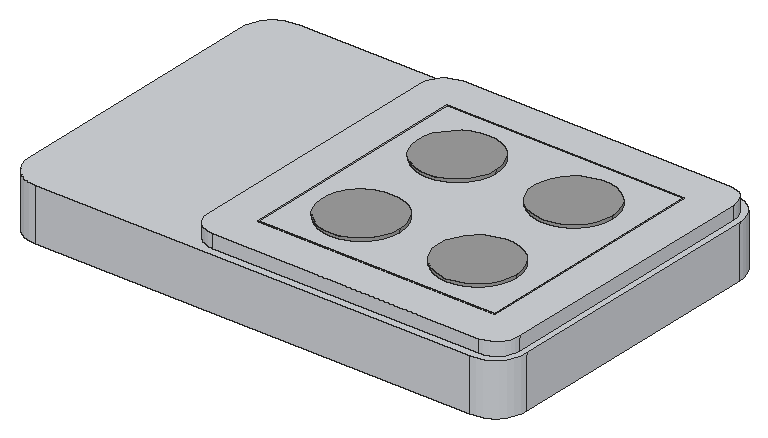
Revit family "Lighting-Industrial-GEWISS-SMART[4]HT_HIGHBAYS-LED_1M", category Apparecchi per illuminazione, Revit 2019
Family settings
  Quota connettore circolare = Usa diametro
  Tipo di parte = Normale
  Numero OmniClass = 23.80.00.00
  Titolo OmniClass = Electric Power and Lighting
  Basato su piano di lavoro = Sì
  Sempre verticale = No
  Taglio con vuoti quando caricato = No
  Sorgente d'illuminazione = No
  Condiviso = No
  Punto di calcolo locali = No
Parameters (values of type "GWS4120CQ857 - SMART4LB 1M ST.AL.ON/OFF HT ELL.57K")
  Wiring = "With GW connect watertight connector"
  Weight (kg): = "3,5"
  Warranty = "5 years"
  Voltaggio = 230 V
  Vetro acceso = Lampada accesa
  Version file RFA = "20.11"
  Unique digital code (Datamatrix) = "Datamatrix"
  Unified Glare Rating = "-"
  URL = "https://www.gewiss.com/ww/en"
  Type of light source = "LED - Not replaceable"
  Tilt- = "With bracket accessory"
  Technical sheet = "https://www.gewiss.com/ww/en/search?q=GWS4120CQ857"
  System power = "48W"
  Supply voltage = "220 - 240 V"
  Stocking temperature = "-40 +70 °C"
  Standards and approvals = "-"
  Standard- = "EN 60598-1 ; EN 60598-2-1 ; EN 60598-2-24"
  Standard Deviation Colour Matching = "SDCM = 3"
  Spostamento_Y_etichetta [instance] = 0 mm
  Spostamento_Y_effettivo_etichetta [instance] = 1500 mm - Spostamento_Y_etichetta  # 1500 mm
  Spostamento_X_etichetta [instance] = 0 mm
  Spostamento_X_effettivo_etichetta [instance] = 1500 mm - Spostamento_X_etichetta  # 1500 mm
  Shock resistance = "IK08"
  Shield type = "Tempered glass Thickness 4mm"
  SEO = "Low bay"
  Realized by GEWISS S.p.A. = ""
  Rated frequency (Hz) = "50/60 Hz"
  Produttore = "GEWISS S.p.A."
  Photobiological Risk Class = "RG0"
  Overvoltage protection = "DM 6 kV / CM 10 kV"
  Optic and illuminating features = "-"
  Optic Maintenance = "Non-replaceable"
  Optic : = "Metallic PC reflector and PMMA lenses"
  Optic = "Elliptical"
  Operating temperature : = "-30°C ÷ +60 °C"
  Offset etichetta W [instance] = 120 mm
  Mouting and installation = "Ceiling - Wallmounting - Suspension"
  Modello = "GWS4120CQ857"
  Maximum surface exposed to the wind : = "0,097 m²"
  Materials = "-"
  Luminaire = "LED Industrial Reflector "
  Lumen output (lm) = "6300"
  Locking Hook = "-"
  Lifetime = "L90B10 (Tq+25°C) = 100.000 h - L90B10 (Tq+60°C) = 50.000 h"
  Lampada = "LED"
  LED Maintenance = "Non-replaceable"
  Insulation class = "I"
  Installationa and maintenance = "-"
  Immagine tipo = GWL1071.jpg
  IPEA = "-"
  IP degree = "IP66"
  IFC.TypeObject = ""
  IFC.ExportType = ""
  IFC.ExportAs = ""
  IDT = "36f92d81beab46f4b5fefa69774160e7"
  IDF = "2c4b9b1b-03f2-4428-b443-208df9b19d94"
  Glow Wire Test : = "850 °C"
  General information = "-"
  Gasket = "anti-aging silicone"
  Fixing = "-"
  External screw = "Stainless steel"
  Etichetta wattaggio [instance] = yes
  Default Elevation = 1219.2 mm
  Trasformatore = none
  Spessore plafoniera = 40 mm  # constant formula
  Proiettsmart [instance] = yes
  Raggio led = 30 mm  # constant formula
  Plafoniera = none
  Eletrical and lighting features = "-"
  Electrocod = "2444"
  Efficiency (lm/W) = "131"
  Driver Box = "Built-in"
  Driver = "Included"
  Device with reduced surface temperature = "Yes"
  Descrizione = "SMART[4]LB 1M ST.AL.ON/OFF HT ELL.57K"
  DIN 18032-3 certification = "-"
  Control System : = "ON / OFF"
  Control System = "ON / OFF"
  Context = "Logistics and industrial manufacturing lighting"
  Commenti sul wattaggio = "50W"
  Colour temperature = "5700K"
  Colour : = "Grey RAL 7035"
  Colour = "Grey RAL 7035"
  Color Rendering Index = "CRI-80"
  Classificazione = Lighting
  Classification: = "-"
  Catalogue = "LIGHTING"
  Carico apparente = 50 VA
  Motore = none
  Lunghezza = 383 mm  # constant formula
  Larghezza = 253 mm  # constant formula
  Distanza tot_plafoniera = 74 mm  # constant formula
  Dettaglio bidimensionale attivo [instance] = not(Proiettsmart)  # no
  COBie.Tagnumber = ""
  COBie.CreatedOn = ""
  COBie.CreatebBy = ""
  COBie.ComponentRegisterItemID = ""
  COBie.Component.TagNumber = ""
  COBie.Component.Space = ""
  COBie.Component.SerialNumber = ""
  COBie.Component.InstallationDate = ""
  COBie.Component.Description = ""
  COBie.Component.BarCode = ""
  Body = "PA6 \"Halogen Free\" loaded fibreglass"
  Application = "Internal"
Types (8, lengths in mm): name | Unified Glare Rating | Technical sheet | SEO | Optic : | Optic | Modello | Lumen output (lm) | IDT | Efficiency (lm/W) | Descrizione | Colour temperature
  GWS4120CH840 - SMART4LB 1M ST.AL.ON/OFF HT 60° 40K | "UGR - 22" | "https://www.gewiss.com/ww/en/search?q=GWS4120CH840" | "" | "Metallic PC reflector and PMMA lenses" | "60°" | "GWS4120CH840" | "7000" | "994cc50be4794c6f98763d55ce6ac8e2" | "146" | "SMART[4]LB 1M ST.AL.ON/OFF HT 60° 40K" | "4000K"
  GWS4120CH857 - SMART4LB 1M ST.AL.ON/OFF HT 60° 57K | "UGR - 22" | "https://www.gewiss.com/ww/en/search?q=GWS4120CH857" | "" | "Metallic PC reflector and PMMA lenses" | "60°" | "GWS4120CH857" | "7000" | "c2a6f4f5aacd45969dd5271d7cafac6b" | "146" | "SMART[4]LB 1M ST.AL.ON/OFF HT 60° 57K" | "5700K"
  GWS4120CP840 - SMART4LB 1M ST.AL.ON/OFF HT 90° 40K | "UGR - 25" | "https://www.gewiss.com/ww/en/search?q=GWS4120CP840" | "" | "Metallic PC reflector and PMMA lenses" | "90°" | "GWS4120CP840" | "7200" | "d8ef7744fe26476d820ff8fb2a6d700d" | "150" | "SMART[4]LB 1M ST.AL.ON/OFF HT 90° 40K" | "4000K"
  GWS4120CP857 - SMART4LB 1M ST.AL.ON/OFF HT 90° 57K | "UGR - 25" | "https://www.gewiss.com/ww/en/search?q=GWS4120CP857" | "" | "Metallic PC reflector and PMMA lenses" | "90°" | "GWS4120CP857" | "7200" | "0b8a5d4c2d704cd6b2314fd1a8abbcf4" | "150" | "SMART[4]LB 1M ST.AL.ON/OFF HT 90° 57K" | "5700K"
  GWS4120CA840 - SMART4LB 1M ST.AL.ON/OFF HT ARR.40K | "-" | "https://www.gewiss.com/ww/en/search?q=GWS4120CA840" | "Low bay" | "Metallized polycarbonate reflector" | "Array" | "GWS4120CA840" | "7100" | "3193bf03814f4b9e90e795c491ca0831" | "148" | "SMART[4]LB 1M ST.AL.ON/OFF HT ARR.40K" | "4000K"
  GWS4120CA857 - SMART4LB 1M ST.AL.ON/OFF HT ARR.57K | "-" | "https://www.gewiss.com/ww/en/search?q=GWS4120CA857" | "Low bay" | "Metallized polycarbonate reflector" | "Array" | "GWS4120CA857" | "7100" | "f84f044251134f5c966d991b4ff7dd9a" | "148" | "SMART[4]LB 1M ST.AL.ON/OFF HT ARR.57K" | "5700K"
  GWS4120CQ840 - SMART4LB 1M ST.AL.ON/OFF HT ELL.40K | "-" | "https://www.gewiss.com/ww/en/search?q=GWS4120CQ840" | "Low bay" | "Metallic PC reflector and PMMA lenses" | "Elliptical" | "GWS4120CQ840" | "6300" | "f590253bc6b246b980f838c8b97f6537" | "131" | "SMART[4]LB 1M ST.AL.ON/OFF HT ELL.40K" | "4000K"
  GWS4120CQ857 - SMART4LB 1M ST.AL.ON/OFF HT ELL.57K | "-" | "https://www.gewiss.com/ww/en/search?q=GWS4120CQ857" | "Low bay" | "Metallic PC reflector and PMMA lenses" | "Elliptical" | "GWS4120CQ857" | "6300" | "36f92d81beab46f4b5fefa69774160e7" | "131" | "SMART[4]LB 1M ST.AL.ON/OFF HT ELL.57K" | "5700K"
Reference planes
  plane 1 "Centro (Fronte/Retro)": y = 0
  plane 2: z = 0
  plane 3 "Centro (Sinistra/Destra)": x = 0
  plane 4: x = -191.5
  plane 5: y = 126.5
  plane 6: x = 191.5
  plane 7: y = -126.5
  plane 8: z = -74
  plane 9: x = -175.5
  plane 10: y = -110.5
  plane 11: y = 110.5
  plane 12: x = -60.5
  plane 13: y = 121.5
  plane 14: x = 186.5
  plane 15: y = -120
  plane 16: z = 74
  plane 17: z = 84
  plane 18: z = 86
  plane 19: x = -1500
  plane 20: y = -1500
  plane 21: x = 0
  plane 22: y = 0
Dimensions and locks
  equal spacing: plane 5, plane 1 "Centro (Fronte/Retro)", plane 7
  equal spacing: plane 4, plane 3 "Centro (Sinistra/Destra)", plane 6
  "Lunghezza": plane 4 to plane 6
  "Larghezza": plane 5 to plane 7
  locked: plane 14 to plane 6 at 5
  locked: plane 5 to plane 13 at 5
  nested 3 to plane 8 = 133.058 mm
  locked: plane 4 to plane 9 at 16
  "Offset etichetta W": plane 1 "Centro (Fronte/Retro)" to plane 15
  "Distanza tot_plafoniera": plane 16 to level
  locked: plane 18 to plane 17 at 2
  plane 19 to plane 3 "Centro (Sinistra/Destra)" = 1500 mm
  plane 1 "Centro (Fronte/Retro)" to plane 20 = 1500 mm
  "Spostamento_Y_effettivo_etichetta": plane 22 to plane 20
  "Spostamento_X_effettivo_etichetta": plane 19 to plane 21
  aligned and locked: level to plane 2
  aligned and locked: plane 4 to nested 1
  aligned and locked: plane 6 to nested 1
  aligned and locked: plane 5 to nested 1
  aligned and locked: plane 7 to nested 1
  aligned and locked: plane 14 to nested 2
  aligned and locked: plane 1 "Centro (Fronte/Retro)" to nested 10
  aligned and locked: nested 3 to plane 2
  aligned and locked: plane 16 to nested 1
  aligned and locked: plane 1 "Centro (Fronte/Retro)" to nested 8
  aligned and locked: plane 1 "Centro (Fronte/Retro)" to nested 1
  aligned and locked: plane 1 "Centro (Fronte/Retro)" to nested 2
  aligned and locked: nested 2 to plane 16
  aligned and locked: nested 4 to plane 18
  aligned and locked: plane 18 to nested 6
  aligned and locked: nested 7 to plane 18
  aligned and locked: plane 18 to nested 5
  aligned and locked: nested 9 to plane 22
  aligned and locked: plane 21 to nested 9
Nested families
  nested 1: "Struttura_SMART[4] LB - 2+2 L" at (0, 0, 74), type "SMART Lab (4) 4L"
  nested 2: "mascherina_SMART (4)" at (66.5, 0, 84), type "Maschera_smart (4) 4L", detail levels medium+fine
  nested 3: "Staffa SMART LAB 4" at (65, -20, 59.058) x (0, 1, 0) z (0, 0, -1), type "Staffa SMART LAB 4", detail levels medium+fine
  nested 4: "Gewis - Led" at (20.25, 44.75, 86), type "Gewis - Led", detail levels fine
  nested 5: "Gewis - Led" at (109.75, 44.75, 86) x (-1, 0, 0) z (0, 0, 1), type "Gewis - Led", detail levels fine
  nested 6: "Gewis - Led" at (20.25, -47.75, 86), type "Gewis - Led", detail levels fine
  nested 7: "Gewis - Led" at (109.75, -47.75, 86) x (-1, 0, 0) z (0, 0, 1), type "Gewis - Led", detail levels fine
  nested 8: "Rappr_bidimensionale_SMART[4] LB 4L" at (40, 0, 0), visible <- "Dettaglio bidimensionale attivo", type "SMART[4] LB 4L_bidimensionalerfa"
  nested 9: "ETICHETTA LIGHT" at (0, 0, 0), visible <- "Etichetta wattaggio", type "ETICHETTA LIGHT"
  nested 10: "PROIETTSMART " at (-32.162, 0, 0), visible <- "Proiettsmart", type "PROIETTSMART "
Connectors
  electrical at (0.009, -0.098, 34), driven by "Classificazione", driven by "Carico apparente"
    settings: on nested 1, index 1, voltage 230 V, apparent load 0 VA, apparent load phase1 50 VA, apparent load phase2 0 VA, apparent load phase3 0 VA, power factor 1, load classification "Lighting", number of poles 2, system type 31, power factor state 1, is connector primary yes, connector utility no, sub classification motor no, connector description ""
Definition of nested family "Struttura_SMART[4] LB - 2+2 L"
  Parameters (values of type "SMART Lab (4) 4L")
    Struttura plafoniera = none
    Spessore_plafoniera = 40 mm
    Lunghezza = 383 mm
    Larghezza = 253 mm
  Reference planes
    plane 1 "Asse sorgente illuminazione (F/B)": y = 0
    plane 2: z = 0
    plane 3 "Asse sorgente illuminazione (L/R)": x = 0
    plane 4 "Prospetto sorgente di illuminazione": z = -40
    plane 5 "SX": x = -191.5
    plane 6 "DX": x = 191.5
    plane 7 "DIETRO": y = 126.5
    plane 8 "AVANTI": y = -126.5
    plane 9: x = -51.5
    plane 10: x = 180.5
    plane 11: y = -115.5
    plane 12: y = 115.5
    plane 13: x = -180.5
    plane 14: x = 51.5
  Forms (mm)
    Extrusion 1, solid, material <- "Struttura plafoniera"
      sketch origin (0, 0, 0) x (1, 0, 0) y (0, 1, 0)
        loop
          line (191.5, -102.095) -> (191.5, 102.09)
          arc (191.5, 102.09) -> (184.35, 119.35) -> (167.09, 126.5) r 24.41
          line (167.09, 126.5) -> (-167.009, 126.5)
          arc (-167.009, 126.5) -> (-184.554, 119.1) -> (-191.5, 101.371) r 24.499
          line (-191.5, 101.371) -> (-191.5, -102.092)
          arc (-191.5, -102.092) -> (-184.351, -119.351) -> (-167.092, -126.5) r 24.408
          line (-167.092, -126.5) -> (167.117, -126.5)
          arc (167.117, -126.5) -> (184.334, -119.368) -> (191.465, -102.152) r 24.348
      from -40 to 0
  Dimensions and locks
    equal spacing: plane 5 "SX", plane 3 "Asse sorgente illuminazione (L/R)", plane 6 "DX"
    equal spacing: plane 7 "DIETRO", plane 1 "Asse sorgente illuminazione (F/B)", plane 8 "AVANTI"
    "Lunghezza": plane 5 "SX" to plane 6 "DX"
    "Larghezza": plane 7 "DIETRO" to plane 8 "AVANTI"
    locked: plane 7 "DIETRO" to plane 12 at 11
    locked: plane 11 to plane 8 "AVANTI" at 11
    locked: plane 10 to plane 6 "DX" at 11
    locked: plane 9 to plane 10 at 232
    plane 13 to plane 14 = 232 mm
    locked: plane 5 "SX" to plane 13 at 11
    "Spessore_plafoniera": plane 2 to plane 4 "Prospetto sorgente di illuminazione"
    aligned and locked: level to plane 2
    aligned and locked: Extrusion 1 to plane 5 "SX"
    aligned and locked: Extrusion 1 to plane 8 "AVANTI"  (x2)
    aligned and locked: plane 7 "DIETRO" to Extrusion 1
    aligned and locked: plane 6 "DX" to Extrusion 1
    aligned and locked: plane 4 "Prospetto sorgente di illuminazione" to Extrusion 1
    aligned and locked: plane 2 to Extrusion 1
  Automatic sketch dimensions
    Extrusion 1 sketch curve to plane 5 "SX" = 0 mm
    Extrusion 1 sketch curve to plane 8 "AVANTI" = 0 mm
    Extrusion 1 sketch curve to plane 7 "DIETRO" = 0 mm
    Extrusion 1 sketch curve to plane 6 "DX" = 0 mm
    plane 13 to Extrusion 1 sketch curve = 13.408 mm
    plane 13 to Extrusion 1 sketch curve = 13.491 mm
    Extrusion 1 sketch curve to plane 10 = 13.41 mm
    Extrusion 1 sketch curve to plane 10 = 13.383 mm
    plane 11 to Extrusion 1 sketch curve = 13.348 mm
    Extrusion 1 sketch curve to plane 12 = 14.129 mm
    Extrusion 1 sketch curve to Extrusion 1 sketch curve = 0.056 mm
Definition of nested family "mascherina_SMART (4)"
  Parameters (values of type "Maschera_smart (4) 4L")
    Spessore_mascherina = 10 mm
    Default Elevation = 1219.2 mm
    N.intarsi = (Lunghezza_mascherina - (Bordo * 2)) / 15 mm  # 12
    N._intarsi verticale = (Larghezza_mascherina - (Bordo * 2)) / 17 mm  # 11
    Mascherina = none
    Lunghezza_mascherina = 240 mm
    Larghezza_mascherina = 240 mm
    Distanza_intarsi v. = 41 mm  # constant formula
    Distanza_intarsi = 37 mm  # constant formula
    Bordo = 29 mm
  Reference planes
    plane 1 "Centro (Fronte/Retro)": y = 0
    plane 2: z = 0
    plane 3 "Centro (Sinistra/Destra)": x = 0
    plane 4: x = -120
    plane 5 "Dietro": y = 120
    plane 6: x = 120
    plane 7: y = -120
    plane 8: x = -91
    plane 9: y = -91
    plane 10: x = 91
    plane 11: y = 91
    plane 12: x = -83
    plane 13: y = 94.742
    plane 14: y = -95
    plane 15: z = -10
    plane 16: x = -95
    plane 17: y = 79
    plane 18: y = -79
    plane 19: x = 95
    plane 20: z = -4.799
  Forms (mm)
    Extrusion 1, solid, material <- "Mascherina"
      sketch origin (0, 0, 0) x (1, 0, 0) y (0, 1, 0)
        loop
          arc (-102.5, 120) -> (-114.874, 114.874) -> (-120, 102.5) r 17.5
          line (-120, 102.5) -> (-120, -102.5)
          arc (-120, -102.5) -> (-114.874, -114.874) -> (-102.5, -120) r 17.5
          line (-102.5, -120) -> (102.5, -120)
          arc (102.5, -120) -> (114.874, -114.874) -> (120, -102.5) r 17.5
          line (120, -102.5) -> (120, 102.5)
          arc (120, 102.5) -> (114.874, 114.874) -> (102.5, 120) r 17.5
          line (102.5, 120) -> (-102.5, 120)
        loop
          line (-91, 91) -> (-91, -91) -> (91, -91) -> (91, 91) -> (-91, 91)
      from -10 to 0
    Extrusion 2, solid, material <- "Mascherina"
      sketch origin (0, 0, 0) x (1, 0, 0) y (0, 1, 0)
        loop
          line (-91, 91) -> (-91, -91) -> (91, -91) -> (91, 91) -> (-91, 91)
      from -4.799 to 0
  Dimensions and locks
    equal spacing: plane 4, plane 3 "Centro (Sinistra/Destra)", plane 6
    "Lunghezza_mascherina": plane 4 to plane 6
    equal spacing: plane 5 "Dietro", plane 1 "Centro (Fronte/Retro)", plane 7
    "Larghezza_mascherina": plane 5 "Dietro" to plane 7
    "Bordo": plane 4 to plane 8
    "Bordo": plane 9 to plane 7
    "Bordo": plane 5 "Dietro" to plane 11
    "Bordo": plane 10 to plane 6
    "Distanza_intarsi": plane 4 to plane 12
    locked: plane 13 to plane 11 at 3.742
    "Spessore_mascherina": plane 2 to plane 15
    "Distanza_intarsi v.": plane 5 "Dietro" to plane 17
    "Distanza_intarsi v.": plane 18 to plane 7
    locked: plane 9 to plane 14 at 4
    locked: plane 16 to plane 8 at 4
    locked: plane 10 to plane 19 at 4
    locked: plane 2 to plane 20 at 4.799
    radius of Extrusion 1 sketch curve = 17.5 mm  (x4)
    aligned and locked: level to plane 2
    aligned and locked: plane 4 to Extrusion 1 sketch curve
    aligned and locked: plane 6 to Extrusion 1 sketch curve
    aligned and locked: Extrusion 1 sketch curve to plane 5 "Dietro"
    aligned and locked: Extrusion 1 sketch curve to plane 7
    aligned and locked: Extrusion 1 sketch curve to plane 11
    aligned and locked: plane 8 to Extrusion 1 sketch curve
    aligned and locked: plane 9 to Extrusion 1 sketch curve
    aligned and locked: Extrusion 1 sketch curve to plane 10
    aligned and locked: plane 2 to Extrusion 1
    aligned and locked: Extrusion 1 to plane 15
    aligned and locked: Extrusion 2 sketch curve to plane 10
    aligned and locked: plane 9 to Extrusion 2 sketch curve
    aligned and locked: plane 8 to Extrusion 2 sketch curve
    aligned and locked: Extrusion 2 sketch curve to plane 11
    aligned and locked: plane 2 to Extrusion 2
    aligned and locked: Extrusion 2 to plane 20
Definition of nested family "Staffa SMART LAB 4"
  Parameters (values of type "Staffa SMART LAB 4")
    Staffa = none
    Default Elevation = 1219.2 mm
  Reference planes
    plane 1 "Centro (Fronte/Retro)": y = 0
    plane 2: z = 0
    plane 3 "Centro (Sinistra/Destra)": x = 0
    plane 4: y = 25
    plane 5: y = -25
    plane 6: x = -480
    plane 7: x = 480
    plane 8: z = 340
  Forms (mm)
    Extrusion 1, solid, material <- "Staffa"
      sketch origin (-19.427, 0, 0) x (1, 0, 0) y (0, 0, 1)
        loop
          line (-52.112, 0) -> (-51.312, 0) -> (-51.312, 5.038) -> (-51.312, 7.679) -> (-48.064, 11.553) -> (-48.309, 20.832)
          arc (-48.309, 20.832) -> (-48.108, 21.384) -> (-47.585, 21.651) r 0.801
          line (-47.585, 21.651) -> (-46.541, 21.744)
          arc (-46.541, 21.744) -> (-45.388, 22.346) -> (-44.998, 23.587) r 1.701
          line (-44.998, 23.587) -> (-45.225, 26.168) -> (-47.881, 28.39) -> (-47.881, 32.971) -> (-23.475, 58.058) -> (62.329, 58.058) -> (86.735, 32.971) -> (86.735, 28.39) -> (84.08, 26.168) -> (83.852, 23.587)
          arc (83.852, 23.587) -> (84.243, 22.346) -> (85.396, 21.744) r 1.701
          line (85.396, 21.744) -> (86.439, 21.651)
          arc (86.439, 21.651) -> (86.963, 21.384) -> (87.163, 20.832) r 0.801
          line (87.163, 20.832) -> (86.919, 11.553) -> (90.167, 7.679) -> (90.167, 5.038) -> (90.167, 0) -> (90.967, 0) -> (90.967, 5.038) -> (90.967, 7.979) -> (87.921, 11.618) -> (88.163, 20.806)
          arc (88.163, 20.806) -> (87.71, 22.048) -> (86.531, 22.647) r 1.801
          line (86.531, 22.647) -> (85.484, 22.74)
          arc (85.484, 22.74) -> (85.009, 22.988) -> (84.849, 23.499) r 0.701
          line (84.849, 23.499) -> (85.039, 25.667) -> (87.735, 27.923) -> (87.735, 32.876) -> (86.947, 34.187) -> (62.751, 59.058) -> (-23.897, 59.058) -> (-48.093, 34.187) -> (-48.881, 32.876) -> (-48.881, 27.923) -> (-46.185, 25.667) -> (-45.994, 23.499)
          arc (-45.994, 23.499) -> (-46.155, 22.988) -> (-46.63, 22.74) r 0.701
          line (-46.63, 22.74) -> (-47.676, 22.647)
          arc (-47.676, 22.647) -> (-48.856, 22.048) -> (-49.308, 20.806) r 1.801
          line (-49.308, 20.806) -> (-49.066, 11.618) -> (-52.112, 7.979) -> (-52.112, 5.038) -> (-52.112, 0)
      from -25 to 25
  Dimensions and locks
    equal spacing: plane 6, plane 3 "Centro (Sinistra/Destra)", plane 7
    equal spacing: plane 4, plane 1 "Centro (Fronte/Retro)", plane 5
    plane 4 to plane 5 = 50 mm
    plane 6 to plane 7 = 960 mm
    aligned and locked: level to plane 2
    aligned and locked: plane 4 to Extrusion 1
    aligned and locked: Extrusion 1 to plane 5
  Automatic sketch dimensions
    Extrusion 1 sketch curve to Extrusion 1 sketch curve = 0 mm  (x10)
    Extrusion 1 sketch curve to level = 0 mm  (x2)
    level to Extrusion 1 sketch curve = 5.038 mm
    Extrusion 1 sketch curve to plane 3 "Centro (Sinistra/Destra)" = 71.54 mm
    Extrusion 1 sketch curve to Extrusion 1 sketch curve = 0.8 mm  (x2)
    level to Extrusion 1 sketch curve = 20.806 mm  (x2)
    Extrusion 1 sketch curve to Extrusion 1 sketch curve = 2.804 mm
    level to Extrusion 1 sketch curve = 11.618 mm  (x2)
    Extrusion 1 sketch curve to Extrusion 1 sketch curve = 2.246 mm  (x2)
    Extrusion 1 sketch curve to Extrusion 1 sketch curve = 0.428 mm
    level to Extrusion 1 sketch curve = 20.832 mm  (x2)
    Extrusion 1 sketch curve to Extrusion 1 sketch curve = 1 mm  (x4)
    Extrusion 1 sketch curve to Extrusion 1 sketch curve = 0.788 mm
    level to Extrusion 1 sketch curve = 11.553 mm  (x2)
    Extrusion 1 sketch curve to Extrusion 1 sketch curve = 1.002 mm  (x2)
    level to Extrusion 1 sketch curve = 22.647 mm  (x2)
    Extrusion 1 sketch curve to Extrusion 1 sketch curve = 0.632 mm
    level to Extrusion 1 sketch curve = 21.651 mm  (x2)
    Extrusion 1 sketch curve to Extrusion 1 sketch curve = 0.092 mm  (x2)
    Extrusion 1 sketch curve to Extrusion 1 sketch curve = 0.984 mm
    level to Extrusion 1 sketch curve = 22.74 mm  (x2)
    Extrusion 1 sketch curve to Extrusion 1 sketch curve = 0.062 mm
    level to Extrusion 1 sketch curve = 21.744 mm  (x2)
    Extrusion 1 sketch curve to Extrusion 1 sketch curve = 0.088 mm
    Extrusion 1 sketch curve to Extrusion 1 sketch curve = 0.507 mm
    level to Extrusion 1 sketch curve = 23.499 mm  (x2)
    Extrusion 1 sketch curve to Extrusion 1 sketch curve = 0.698 mm  (x2)
    Extrusion 1 sketch curve to Extrusion 1 sketch curve = 0.96 mm  (x2)
    level to Extrusion 1 sketch curve = 23.587 mm  (x2)
    Extrusion 1 sketch curve to plane 3 "Centro (Sinistra/Destra)" = 43.324 mm
    Extrusion 1 sketch curve to Extrusion 1 sketch curve = 0.422 mm  (x2)
    plane 3 "Centro (Sinistra/Destra)" to Extrusion 1 sketch curve = 42.902 mm
    Extrusion 1 sketch curve to Extrusion 1 sketch curve = 21.523 mm
    level to Extrusion 1 sketch curve = 26.168 mm
    Extrusion 1 sketch curve to Extrusion 1 sketch curve = 0.227 mm
    Extrusion 1 sketch curve to Extrusion 1 sketch curve = 0.996 mm
    level to Extrusion 1 sketch curve = 25.667 mm
    Extrusion 1 sketch curve to Extrusion 1 sketch curve = 0.548 mm
    Extrusion 1 sketch curve to Extrusion 1 sketch curve = 0.966 mm
    Extrusion 1 sketch curve to Extrusion 1 sketch curve = 0.077 mm
    level to Extrusion 1 sketch curve = 28.39 mm
    Extrusion 1 sketch curve to Extrusion 1 sketch curve = 1.696 mm
    Extrusion 1 sketch curve to Extrusion 1 sketch curve = 0.557 mm
    level to Extrusion 1 sketch curve = 34.187 mm
    Extrusion 1 sketch curve to Extrusion 1 sketch curve = 0.212 mm
    Extrusion 1 sketch curve to Extrusion 1 sketch curve = 0.801 mm
    level to Extrusion 1 sketch curve = 7.679 mm
    Extrusion 1 sketch curve to Extrusion 1 sketch curve = 2.641 mm  (x2)
    Extrusion 1 sketch curve to Extrusion 1 sketch curve = 0.3 mm  (x2)
    Extrusion 1 sketch curve to Extrusion 1 sketch curve = 2.168 mm
    Extrusion 1 sketch curve to Extrusion 1 sketch curve = 0.501 mm
    Extrusion 1 sketch curve to Extrusion 1 sketch curve = 0.467 mm  (x2)
    Extrusion 1 sketch curve to Extrusion 1 sketch curve = 2.256 mm
    Extrusion 1 sketch curve to Extrusion 1 sketch curve = 4.486 mm
    Extrusion 1 sketch curve to Extrusion 1 sketch curve = 1.311 mm
    Extrusion 1 sketch curve to Extrusion 1 sketch curve = 0.095 mm  (x2)
    Extrusion 1 sketch curve to Extrusion 1 sketch curve = 1.216 mm
    Extrusion 1 sketch curve to Extrusion 1 sketch curve = 23.87 mm
Definition of nested family "Gewis - Led"
  Parameters (values of type "Gewis - Led")
    Vetro = none
    Raggio led = 30 mm
    Default Elevation = 1219.2 mm
    Estensione vetro = 3 mm
  Reference planes
    plane 1 "Centro (Fronte/Retro)": y = 0
    plane 2: z = 0
    plane 3 "Centro (Sinistra/Destra)": x = 0
  Forms (mm)
    Extrusion 1, solid, material <- "Vetro"
      sketch origin (0, 0, 0) x (1, 0, 0) y (0, 1, 0)
        loop
          circle (0, 0) r 30
      from -3 to 0
  Dimensions and locks
    "Estensione vetro": level to Extrusion 1
    "Raggio led": radius of Extrusion 1 sketch curve
    aligned and locked: level to plane 2
    aligned and locked: level to Extrusion 1
  Automatic sketch dimensions
    plane 1 "Centro (Fronte/Retro)" to Extrusion 1 sketch curve = 0 mm
    Extrusion 1 sketch curve to plane 3 "Centro (Sinistra/Destra)" = 0 mm
Definition of nested family "Rappr_bidimensionale_SMART[4] LB 4L"
  Reference planes
    plane 1 "Centro (Fronte/Retro)": y = 0
    plane 2: z = 0
    plane 3 "Centro (Sinistra/Destra)": x = 0
  Lines and regions (mm)
    model lines, in view "Livello rif."
      curve 1: circle (-20.568, 47.057, 0) r 28.619 normal (0, 0, 1)
      curve 2: circle (73.432, -46.943, 0) r 28.619 normal (0, 0, 1)
      curve 3: circle (-20.568, -46.943, 0) r 28.619 normal (0, 0, 1)
      curve 4: circle (73.432, 47.057, 0) r 28.619 normal (0, 0, 1)
      curve 5: arc (-93.068, -104.009, 0) -> (-88.529, -114.969, 0) -> (-77.568, -119.509, 0) r 15.5
      curve 6: arc (145.932, 103.991, 0) -> (141.392, 114.952, 0) -> (130.432, 119.491, 0) r 15.5
      curve 7: arc (-77.568, 119.491, 0) -> (-88.529, 114.952, 0) -> (-93.068, 103.991, 0) r 15.5
      curve 8: arc (130.432, -119.509, 0) -> (141.392, -114.969, 0) -> (145.932, -104.009, 0) r 15.5
      curve 9: arc (152.721, 103.991, 0) -> (146.196, 119.749, 0) -> (130.441, 126.281, 0) r 22.29
      curve 10: arc (130.443, -126.298, 0) -> (146.197, -119.766, 0) -> (152.721, -104.009, 0) r 22.29
      curve 11: arc (-230.358, -108, 0) -> (-225, -120.942, 0) -> (-212.058, -126.298, 0) r 18.29
      curve 12: arc (-212.077, 126.281, 0) -> (-225.001, 120.924, 0) -> (-230.358, 108, 0) r 18.29
      curve 13: line (-66.068, -92.509, 0) -> (-66.068, 92.491, 0)
      curve 14: line (-66.068, 92.491, 0) -> (118.932, 92.491, 0)
      curve 15: line (118.932, 92.491, 0) -> (118.932, -92.509, 0)
      curve 16: line (118.932, -92.509, 0) -> (-66.068, -92.509, 0)
      curve 17: line (-77.568, -119.509, 0) -> (130.432, -119.509, 0)
      curve 18: line (-77.568, 119.491, 0) -> (130.432, 119.491, 0)
      curve 19: line (-93.068, 103.991, 0) -> (-93.068, -104.009, 0)
      curve 20: line (145.932, 103.991, 0) -> (145.932, -104.009, 0)
      curve 21: line (-212.077, 126.281, 0) -> (130.441, 126.281, 0)
      curve 22: line (152.721, 103.991, 0) -> (152.721, -104.009, 0)
      curve 23: line (130.443, -126.298, 0) -> (-212.058, -126.298, 0)
      curve 24: line (-230.358, -108, 0) -> (-230.358, 108, 0)
Definition of nested family "ETICHETTA LIGHT"
  Parameters (values of type "ETICHETTA LIGHT")
    COMMENTI = "53W"
  Reference planes
    plane 1: y = 0
    plane 2: x = 0
  Text (mm)
    label "COMMENTI" at (-0.057, 0.105, 0), shows "COMMENTI"
Definition of nested family "PROIETTSMART "
  Reference planes
    plane 1 "Centro (Fronte/Retro)": y = 0
    plane 2: z = 0
    plane 3 "Centro (Sinistra/Destra)": x = 0
  Lines and regions (mm)
    model lines, in view "Livello rif."
      curve 1: line (120.593, -21.515, 0) -> (77.393, -0.008, 0)
      curve 2: line (77.393, -0.008, 0) -> (120.593, 21.758, 0)
      curve 3: line (120.593, 21.758, 0) -> (120.593, -21.515, 0)
      curve 4: line (77.393, 21.629, 0) -> (77.393, -21.645, 0)
      curve 5: line (77.393, -0.008, 0) -> (52.133, -0.008, 0)
      curve 6: line (120.593, 0.122, 0) -> (139.246, 0.122, 0)
      curve 7: line (162.162, 66.747, 0) -> (162.162, -66.747, 0)
      curve 8: line (162.162, -66.747, 0) -> (-97.838, -66.747, 0)
      curve 9: line (-97.838, -66.747, 0) -> (-97.838, 66.747, 0)
      curve 10: line (-97.838, 66.747, 0) -> (162.162, 66.747, 0)
      curve 11: line (45.772, 49.667, 0) -> (145.121, 49.667, 0)
      curve 12: line (145.121, 49.667, 0) -> (145.121, -49.683, 0)
      curve 13: line (145.121, -49.683, 0) -> (45.772, -49.683, 0)
      curve 14: line (45.772, -49.683, 0) -> (45.772, 49.667, 0)
